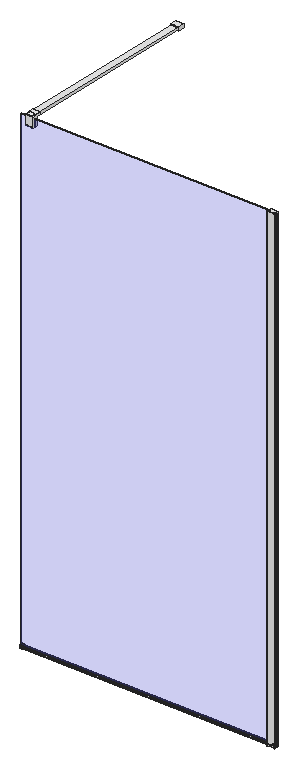
Revit family "STR4PX", category Plumbing Fixtures, Revit 2015
Parameters (values of type "1200")
  Glass = Glass
  Chrome = Chrome - Polished
  Aluminium = Aluminum - Polished
  A = 1200 mm
  URL = "http://www.sanswiss.com/"
  Type Comments = ""
  Model = "STR4PX"
  Manufacturer = "SanSwiss"
Types (5, lengths in mm): name | A
  (no name) | 1200
  800 | 800
  900 | 900
  1000 | 1000
  1200 | 1200
Reference planes
  plane 1 "Center (Front/Back)": y = 0
  plane 2: z = 0
  plane 3 "Center (Left/Right)": x = 0
  plane 4 "Back": y = 900
  plane 5 "Left": x = -1200
  plane 6: x = -1199
Forms (mm)
  Sweep 1, solid, material "Aluminum - Polished" <- "Aluminium"
    path origin (0, 0, 0) x (1, 0, 0) y (0, 0, 1)
      loop
        line (0, 2250) -> (0, 0)
    profile origin (0, 0, 1125) x (0, -1, 0) y (1, 0, 0)
      loop
        line (-27.02, -36.8) -> (-18.4, -36.8)
        arc (-18.4, -36.8) -> (-17.693, -36.507) -> (-17.4, -35.8) r 1
        line (-17.4, -35.8) -> (-17.4, -2.712)
        arc (-17.4, -2.712) -> (-17.465, -2.226) -> (-17.9, -2) r 0.532
        line (-17.9, -2) -> (-18.9, -2)
        arc (-18.9, -2) -> (-19.336, -1.773) -> (-19.4, -1.286) r 0.532
        line (-19.4, -1.286) -> (-19.4, -0.5)
        arc (-19.4, -0.5) -> (-19.589, -0.103) -> (-20.017, 0) r 0.511
        line (-20.017, 0) -> (-32.983, 0)
        arc (-32.983, 0) -> (-33.411, -0.103) -> (-33.6, -0.5) r 0.511
        line (-33.6, -0.5) -> (-33.6, -1.383)
        arc (-33.6, -1.383) -> (-33.703, -1.811) -> (-34.1, -2) r 0.511
        line (-34.1, -2) -> (-34.983, -2)
        arc (-34.983, -2) -> (-35.411, -2.103) -> (-35.6, -2.5) r 0.511
        line (-35.6, -2.5) -> (-35.6, -31.62)
        arc (-35.6, -31.62) -> (-35.175, -33.014) -> (-34.044, -33.935) r 2.5
        line (-34.044, -33.935) -> (-27.02, -36.8)
  Extrusion 2, solid, material "Glass" <- "Glass"
    sketch origin (0, 12.7, 1950) x (-1, 0, 0) y (0, -1, 0)
      loop
        line (1199, -17.3) -> (1199, -9.3) -> (28.7, -9.3) -> (28.7, -17.3) -> (1199, -17.3)
    from -1945 to 300
  Sweep 3, solid, material "Chrome - Polished" <- "Chrome"
    path origin (0, 0, 0) x (1, 0, 0) y (0, 0, 1)
      loop
        line (0, 2251.5) -> (0, 2250)
    profile origin (0, 0, 2250.75) x (0, -1, 0) y (1, 0, 0)
      loop
        line (-35.6, -2.5) -> (-35.6, -31.62)
        arc (-35.6, -31.62) -> (-35.175, -33.014) -> (-34.044, -33.935) r 2.5
        line (-34.044, -33.935) -> (-27.02, -36.8) -> (-18.4, -36.8)
        arc (-18.4, -36.8) -> (-17.693, -36.507) -> (-17.4, -35.8) r 1
        line (-17.4, -35.8) -> (-17.4, -2.712)
        arc (-17.4, -2.712) -> (-17.465, -2.226) -> (-17.9, -2) r 0.532
        line (-17.9, -2) -> (-18.9, -2)
        arc (-18.9, -2) -> (-19.336, -1.773) -> (-19.4, -1.286) r 0.532
        line (-19.4, -1.286) -> (-19.4, -0.5)
        arc (-19.4, -0.5) -> (-19.589, -0.103) -> (-20.017, 0) r 0.511
        line (-20.017, 0) -> (-32.983, 0)
        arc (-32.983, 0) -> (-33.411, -0.103) -> (-33.6, -0.5) r 0.511
        line (-33.6, -0.5) -> (-33.6, -1.383)
        arc (-33.6, -1.383) -> (-33.703, -1.811) -> (-34.1, -2) r 0.511
        line (-34.1, -2) -> (-34.983, -2)
        arc (-34.983, -2) -> (-35.411, -2.103) -> (-35.6, -2.5) r 0.511
  Extrusion 4, solid, material "Aluminum - Polished" <- "Aluminium"
    sketch origin (0, 0, 0) x (0, 1, 0) y (0, 0, 1)
      loop
        line (23.4, 2.986) -> (23.4, 0.5)
        arc (23.4, 0.5) -> (23.598, 0.094) -> (24.04, 0) r 0.515
        line (24.04, 0) -> (27.96, 0)
        arc (27.96, 0) -> (28.402, 0.094) -> (28.6, 0.5) r 0.515
        line (28.6, 0.5) -> (28.6, 2.986)
        arc (28.6, 2.986) -> (28.664, 3.473) -> (29.1, 3.7) r 0.532
        line (29.1, 3.7) -> (31.3, 3.7)
        arc (31.3, 3.7) -> (31.717, 3.809) -> (31.9, 4.2) r 0.508
        line (31.9, 4.2) -> (31.9, 14.383)
        arc (31.9, 14.383) -> (31.797, 14.811) -> (31.4, 15) r 0.511
        line (31.4, 15) -> (30.301, 15)
        arc (30.301, 15) -> (29.79, 14.35) -> (30.301, 13.7) r 0.669
        arc (30.301, 13.7) -> (30.714, 13.508) -> (30.801, 13.06) r 0.501
        line (30.801, 13.06) -> (30.801, 9.2)
        arc (30.801, 9.2) -> (30.412, 8.957) -> (30.3, 8.512) r 0.615
        line (30.3, 8.512) -> (30.3, 7.2)
        arc (30.3, 7.2) -> (30.664, 6.922) -> (30.8, 6.486) r 0.755
        line (30.8, 6.486) -> (30.8, 5.447)
        arc (30.8, 5.447) -> (30.511, 5.025) -> (30, 5) r 0.576
        line (30, 5) -> (28.257, 5) -> (27.093, 4.25) -> (24.907, 4.25) -> (23.743, 5) -> (22, 5)
        arc (22, 5) -> (21.489, 5.025) -> (21.2, 5.447) r 0.576
        line (21.2, 5.447) -> (21.2, 6.486)
        arc (21.2, 6.486) -> (21.336, 6.922) -> (21.7, 7.2) r 0.755
        line (21.7, 7.2) -> (21.7, 8.512)
        arc (21.7, 8.512) -> (21.588, 8.956) -> (21.2, 9.2) r 0.615
        line (21.2, 9.2) -> (21.2, 13.06)
        arc (21.2, 13.06) -> (21.286, 13.508) -> (21.7, 13.7) r 0.501
        arc (21.7, 13.7) -> (22.211, 14.35) -> (21.7, 15) r 0.669
        line (21.7, 15) -> (20.4, 15)
        arc (20.4, 15) -> (20.003, 14.811) -> (19.9, 14.383) r 0.511
        line (19.9, 14.383) -> (19.9, 4.2)
        arc (19.9, 4.2) -> (20.083, 3.809) -> (20.5, 3.7) r 0.508
        line (20.5, 3.7) -> (22.9, 3.7)
        arc (22.9, 3.7) -> (23.336, 3.473) -> (23.4, 2.986) r 0.532
    from -1199 to -1.3
Dimensions and locks
  locked: plane 4 "Back" to plane 1 "Center (Front/Back)" at 900
  "A": plane 5 "Left" to plane 3 "Center (Left/Right)"
  locked: plane 5 "Left" to plane 6 at 1
  locked: plane 5 "Left" to nested 1 at 31
  aligned and locked: level to plane 2
  aligned and locked: Extrusion 2 to plane 6
  aligned and locked: Extrusion 4 to plane 6
  aligned and locked: plane 6 to nested 2
Automatic sketch dimensions
  Sweep 1 sketch curve to level = 0 mm
  Sweep 1 sketch curve to plane 3 "Center (Left/Right)" = 0 mm
  level to Sweep 1 sketch curve = 2250 mm
  Extrusion 2 sketch curve to plane 1 "Center (Front/Back)" = 30 mm
  Extrusion 2 sketch curve to Extrusion 2 sketch curve = 8 mm
  plane 5 "Left" to Extrusion 2 sketch curve = 1 mm
  Extrusion 2 sketch curve to plane 3 "Center (Left/Right)" = 28.7 mm
  Sweep 1 sketch curve to profile plane = 0 mm
  Sweep 1 sketch curve to plane 1 "Center (Front/Back)" = 35.6 mm
  Sweep 1 sketch curve to Sweep 1 sketch curve = 0.511 mm  (x3)
  Sweep 1 sketch curve to Sweep 1 sketch curve = 0.106 mm  (x3)
  Sweep 1 sketch curve to Sweep 1 sketch curve = 0.883 mm  (x2)
  Sweep 1 sketch curve to Sweep 1 sketch curve = 1.556 mm
  profile plane to Sweep 1 sketch curve = 0.5 mm
  Sweep 1 sketch curve to Sweep 1 sketch curve = 0.5 mm  (x3)
  Sweep 1 sketch curve to Sweep 1 sketch curve = 0.944 mm
  Sweep 1 sketch curve to Sweep 1 sketch curve = 7.024 mm
  Sweep 1 sketch curve to Sweep 1 sketch curve = 12.965 mm
  Sweep 1 sketch curve to Sweep 1 sketch curve = 8.62 mm
  Sweep 1 sketch curve to Sweep 1 sketch curve = 1 mm
  Sweep 1 sketch curve to Sweep 1 sketch curve = 0.786 mm
  Sweep 1 sketch curve to Sweep 1 sketch curve = 0.182 mm
  Sweep 1 sketch curve to Sweep 1 sketch curve = 0.532 mm
  Sweep 1 sketch curve to Sweep 1 sketch curve = 29.12 mm
  Sweep 1 sketch curve to Sweep 1 sketch curve = 4.18 mm
  Sweep 3 sketch curve to plane 3 "Center (Left/Right)" = 0 mm
  level to Sweep 3 sketch curve = 2250 mm
  Sweep 3 sketch curve to Sweep 3 sketch curve = 1.5 mm
  Sweep 3 sketch curve to profile plane = 0 mm
  profile plane to Sweep 3 sketch curve = 2.5 mm
  Sweep 3 sketch curve to plane 1 "Center (Front/Back)" = 35.6 mm
  Sweep 3 sketch curve to Sweep 3 sketch curve = 0.511 mm  (x3)
  Sweep 3 sketch curve to Sweep 3 sketch curve = 0.106 mm  (x2)
  Sweep 3 sketch curve to Sweep 3 sketch curve = 0.883 mm
  Sweep 3 sketch curve to Sweep 3 sketch curve = 1.556 mm
  profile plane to Sweep 3 sketch curve = 0.5 mm  (x2)
  Sweep 3 sketch curve to Sweep 3 sketch curve = 0.5 mm  (x2)
  Sweep 3 sketch curve to Sweep 3 sketch curve = 2.5 mm
  Sweep 3 sketch curve to Sweep 3 sketch curve = 7.024 mm
  Sweep 3 sketch curve to Sweep 3 sketch curve = 12.965 mm
  Sweep 3 sketch curve to Sweep 3 sketch curve = 8.62 mm
  Sweep 3 sketch curve to Sweep 3 sketch curve = 1 mm  (x2)
  Sweep 3 sketch curve to Sweep 3 sketch curve = 2.032 mm
  Sweep 3 sketch curve to Sweep 3 sketch curve = 0.181 mm
  Sweep 3 sketch curve to Sweep 3 sketch curve = 29.12 mm
  Sweep 3 sketch curve to Sweep 3 sketch curve = 4.18 mm
  Sweep 3 sketch curve to Sweep 3 sketch curve = 0.532 mm
  Extrusion 4 sketch curve to level = 0 mm
  level to Extrusion 4 sketch curve = 4.2 mm
  Extrusion 4 sketch curve to plane 1 "Center (Front/Back)" = 19.9 mm
  Extrusion 4 sketch curve to Extrusion 4 sketch curve = 0.5 mm  (x4)
  Extrusion 4 sketch curve to Extrusion 4 sketch curve = 0.508 mm  (x2)
  Extrusion 4 sketch curve to Extrusion 4 sketch curve = 0.092 mm  (x2)
  Extrusion 4 sketch curve to Extrusion 4 sketch curve = 0.683 mm
  Extrusion 4 sketch curve to Extrusion 4 sketch curve = 0.109 mm  (x2)
  Extrusion 4 sketch curve to Extrusion 4 sketch curve = 1.142 mm
  Extrusion 4 sketch curve to Extrusion 4 sketch curve = 0.481 mm  (x2)
  Extrusion 4 sketch curve to Extrusion 4 sketch curve = 0.158 mm  (x2)
  Extrusion 4 sketch curve to Extrusion 4 sketch curve = 0.609 mm  (x2)
  Extrusion 4 sketch curve to Extrusion 4 sketch curve = 0.57 mm  (x2)
  Extrusion 4 sketch curve to Extrusion 4 sketch curve = 0.255 mm  (x2)
  Extrusion 4 sketch curve to Extrusion 4 sketch curve = 0.23 mm  (x2)
  Extrusion 4 sketch curve to Extrusion 4 sketch curve = 0.9 mm  (x2)
  Extrusion 4 sketch curve to Extrusion 4 sketch curve = 0.843 mm
  level to Extrusion 4 sketch curve = 0.5 mm
  Extrusion 4 sketch curve to Extrusion 4 sketch curve = 0.515 mm
  level to Extrusion 4 sketch curve = 4.25 mm
  Extrusion 4 sketch curve to Extrusion 4 sketch curve = 1.164 mm  (x2)
  Extrusion 4 sketch curve to Extrusion 4 sketch curve = 2.186 mm
  Extrusion 4 sketch curve to Extrusion 4 sketch curve = 3.92 mm
  Extrusion 4 sketch curve to Extrusion 4 sketch curve = 0.125 mm
  Extrusion 4 sketch curve to Extrusion 4 sketch curve = 1.507 mm
  Extrusion 4 sketch curve to Extrusion 4 sketch curve = 0.045 mm
  Extrusion 4 sketch curve to Extrusion 4 sketch curve = 0.02 mm
  Extrusion 4 sketch curve to Extrusion 4 sketch curve = 0.139 mm  (x2)
  Extrusion 4 sketch curve to Extrusion 4 sketch curve = 0.941 mm
  Extrusion 4 sketch curve to Extrusion 4 sketch curve = 0.714 mm
  Extrusion 4 sketch curve to Extrusion 4 sketch curve = 1.264 mm
  Extrusion 4 sketch curve to Extrusion 4 sketch curve = 0.182 mm
  Extrusion 4 sketch curve to Extrusion 4 sketch curve = 0.75 mm  (x2)
  Extrusion 4 sketch curve to Extrusion 4 sketch curve = 0.447 mm  (x2)
  Extrusion 4 sketch curve to Extrusion 4 sketch curve = 1.039 mm  (x2)
  Extrusion 4 sketch curve to Extrusion 4 sketch curve = 0.004 mm  (x2)
  Extrusion 4 sketch curve to Extrusion 4 sketch curve = 1.312 mm  (x2)
  Extrusion 4 sketch curve to Extrusion 4 sketch curve = 0.083 mm  (x2)
  Extrusion 4 sketch curve to Extrusion 4 sketch curve = 3.86 mm
  Extrusion 4 sketch curve to Extrusion 4 sketch curve = 0.14 mm
  Extrusion 4 sketch curve to Extrusion 4 sketch curve = 4 mm
  Extrusion 4 sketch curve to Extrusion 4 sketch curve = 1.15 mm
  Extrusion 4 sketch curve to Extrusion 4 sketch curve = 0.032 mm
  Extrusion 4 sketch curve to Extrusion 4 sketch curve = 0.106 mm  (x2)
  Extrusion 4 sketch curve to Extrusion 4 sketch curve = 0.019 mm  (x2)
  Extrusion 4 sketch curve to Extrusion 4 sketch curve = 0 mm
Nested families
  nested 1: "stabiliser" at (-1132.65, 0, 250), type "stabiliser"
    with length 900 mm
  nested 2: "dolna nakładka" at (-1200.5, 19.9, 0), type "dolna nakładka"
Definition of nested family "stabiliser"
  Parameters (values of type "stabiliser")
    Chrome = none
    Aluminium = none
    length [instance] = 900 mm
    URL = "http://www.sanswiss.com/"
    Type Comments = ""
    Model = ""
    Manufacturer = "SanSwiss"
  Reference planes
    plane 1 "Center (Front/Back)": y = 0
    plane 2: z = 0
    plane 3 "Center (Left/Right)": x = 0
    plane 4 "Back": y = 900
    plane 5 "Left": x = -1200
    plane 6 "glass left": x = -1140.7
    plane 7 "glass right": x = -28.7
    plane 8 "bar front": y = 56.3
    plane 9 "bar back": y = 869
  Forms (mm)
    Sweep 1, solid, material <- "Chrome"
      path origin (900, 0, 0) x (0, 1, 0) y (0, 0, 1)
        loop
          line (900, 2016.65) -> (900, 1999.15)
      profile origin (900, 900, 2007.9) x (1, 0, 0) y (0, 1, 0)
        loop
          line (-937.75, 0) -> (-937.75, -31) -> (-901.75, -31) -> (-901.75, 0) -> (-937.75, 0)
    Sweep 2, solid, material <- "Aluminium"
      path origin (900, 0, 0) x (0, 1, 0) y (0, 0, 1)
        loop
          line (56.3, 2017) -> (869, 2017)
      profile origin (900, 462.65, 2017) x (0, 0, 1) y (1, 0, 0)
        loop
          line (-5.35, -904.35) -> (-15.35, -904.35) -> (-15.35, -934.35) -> (-5.35, -934.35) -> (-5.35, -904.35)
    Sweep 3, solid, material <- "Chrome"
      path origin (0, 0, 1950) x (-1, 0, 0) y (0, -1, 0)
        loop
          line (36.35, -34.3) -> (2.35, -34.3)
      profile origin (-19.35, 34.3, 1950) x (0, 1, 0) y (0, 0, 1)
        loop
          line (4, 49.65) -> (22, 49.65) -> (22, 62.177) -> (-20.3, 62.177) -> (-20.3, 14.709)
          arc (-20.3, 14.709) -> (-20.136, 14.314) -> (-19.741, 14.15) r 0.559
          line (-19.741, 14.15) -> (-12.5, 14.15) -> (-12.5, 50.65) -> (-4, 50.65) -> (-4, 15.15) -> (-3, 15.15) -> (-3, 14.15) -> (0, 14.15)
          arc (0, 14.15) -> (1.414, 14.736) -> (2, 16.15) r 2
          line (2, 16.15) -> (2, 47.65)
          arc (2, 47.65) -> (2.586, 49.064) -> (4, 49.65) r 2
    Sweep 4, solid, material <- "Chrome"
      path origin (0, 0, 1950) x (-1, 0, 0) y (0, -1, 0)
        loop
          line (0, -31.3) -> (0, -56.3)
      profile origin (0, 43.8, 1950) x (-1, 0, 0) y (0, 0, 1)
        loop
          line (2.35, 62.177) -> (36.35, 62.177)
          arc (36.35, 62.177) -> (35.943, 63.378) -> (34.89, 64.086) r 1.979
          arc (34.89, 64.086) -> (19.366, 66.159) -> (3.841, 64.086) r 59.17
          arc (3.841, 64.086) -> (2.756, 63.397) -> (2.35, 62.177) r 1.918
    SweptBlend 5, solid, material <- "Chrome"
      path origin (0, 0, 1950) x (-1, 0, 0) y (0, -1, 0)
        loop
          line (0, -14) -> (0, -31.3)
      profile origin (0, 14, 1950) x (-1, 0, 0) y (0, 0, 1)
        loop
          arc (36.35, 62.177) -> (35.594, 63.222) -> (34.381, 63.66) r 2.19
          line (34.381, 63.66) -> (4.329, 63.66)
          arc (4.329, 63.66) -> (3.092, 63.248) -> (2.35, 62.177) r 2.062
          line (2.35, 62.177) -> (36.35, 62.177)
      end profile origin (0, 31.3, 1950) x (-1, 0, 0) y (0, 0, 1)
        loop
          arc (3.841, 64.086) -> (2.756, 63.397) -> (2.35, 62.177) r 1.918
          line (2.35, 62.177) -> (36.35, 62.177)
          arc (36.35, 62.177) -> (35.943, 63.378) -> (34.89, 64.086) r 1.979
          arc (34.89, 64.086) -> (19.366, 66.159) -> (3.841, 64.086) r 59.17
  Dimensions and locks
    "length": plane 4 "Back" to plane 1 "Center (Front/Back)"
    locked: plane 5 "Left" to plane 6 "glass left" at 59.3
    locked: plane 4 "Back" to plane 9 "bar back" at 31
    locked: plane 1 "Center (Front/Back)" to plane 8 "bar front" at 56.3
    aligned and locked: level to plane 2
  Automatic sketch dimensions
    Sweep 1 sketch curve to plane 4 "Back" = 0 mm
    level to Sweep 1 sketch curve = 1999.15 mm
    Sweep 1 sketch curve to Sweep 1 sketch curve = 17.5 mm
    profile plane to Sweep 1 sketch curve = 0 mm
    profile plane to Sweep 1 sketch curve = 31 mm
    Sweep 1 sketch curve to profile plane = 937.75 mm
    Sweep 1 sketch curve to Sweep 1 sketch curve = 36 mm
    Sweep 2 sketch curve to plane 9 "bar back" = 0 mm
    level to Sweep 2 sketch curve = 2017 mm
    Sweep 2 sketch curve to plane 8 "bar front" = 0 mm
    profile plane to Sweep 2 sketch curve = 15.35 mm
    profile plane to Sweep 2 sketch curve = 5.35 mm
    Sweep 2 sketch curve to profile plane = 934.35 mm
    Sweep 2 sketch curve to Sweep 2 sketch curve = 30 mm
    Sweep 3 sketch curve to plane 3 "Center (Left/Right)" = 2.35 mm
    Sweep 3 sketch curve to plane 8 "bar front" = 22 mm
    Sweep 3 sketch curve to plane 7 "glass right" = 7.65 mm
    Sweep 3 sketch curve to profile plane = 0 mm
    profile plane to Sweep 3 sketch curve = 3 mm
    Sweep 3 sketch curve to Sweep 3 sketch curve = 1 mm  (x2)
    Sweep 3 sketch curve to Sweep 3 sketch curve = 8.5 mm
    Sweep 3 sketch curve to Sweep 3 sketch curve = 7.241 mm
    Sweep 3 sketch curve to Sweep 3 sketch curve = 7.8 mm
    Sweep 3 sketch curve to profile plane = 2 mm
    Sweep 3 sketch curve to Sweep 3 sketch curve = 2 mm
    Sweep 3 sketch curve to Sweep 3 sketch curve = 18 mm
    profile plane to Sweep 3 sketch curve = 14.15 mm  (x2)
    Sweep 3 sketch curve to Sweep 3 sketch curve = 31.5 mm
    Sweep 3 sketch curve to Sweep 3 sketch curve = 3 mm
    Sweep 3 sketch curve to Sweep 3 sketch curve = 12.527 mm
    Sweep 4 sketch curve to plane 3 "Center (Left/Right)" = 0 mm
    Sweep 4 sketch curve to plane 8 "bar front" = 0 mm
    Sweep 4 sketch curve to plane 8 "bar front" = 25 mm
    SweptBlend 5 sketch curve to plane 3 "Center (Left/Right)" = 0 mm
    SweptBlend 5 sketch curve to plane 8 "bar front" = 25 mm
    SweptBlend 5 sketch curve to plane 1 "Center (Front/Back)" = 14 mm
    SweptBlend 5 sketch curve to profile plane = 2.35 mm  (x2)
    SweptBlend 5 sketch curve to SweptBlend 5 sketch curve = 1.918 mm
    profile plane to SweptBlend 5 sketch curve = 6.989 mm
    SweptBlend 5 sketch curve to profile plane = 19.366 mm
    SweptBlend 5 sketch curve to SweptBlend 5 sketch curve = 30.103 mm
    SweptBlend 5 sketch curve to SweptBlend 5 sketch curve = 1.979 mm  (x2)
    SweptBlend 5 sketch curve to SweptBlend 5 sketch curve = 55.187 mm
    SweptBlend 5 sketch curve to SweptBlend 5 sketch curve = 0.001 mm
    SweptBlend 5 sketch curve to SweptBlend 5 sketch curve = 0.039 mm
    SweptBlend 5 sketch curve to SweptBlend 5 sketch curve = 0.426 mm
    SweptBlend 5 sketch curve to SweptBlend 5 sketch curve = 29.947 mm
    SweptBlend 5 sketch curve to SweptBlend 5 sketch curve = 0.105 mm
    SweptBlend 5 sketch curve to SweptBlend 5 sketch curve = 2.074 mm
    profile plane to SweptBlend 5 sketch curve = 61.473 mm
    SweptBlend 5 sketch curve to SweptBlend 5 sketch curve = 0.125 mm
    Sweep 4 sketch curve to profile plane = 2.35 mm
    Sweep 4 sketch curve to Sweep 4 sketch curve = 1.918 mm
    profile plane to Sweep 4 sketch curve = 6.989 mm
    Sweep 4 sketch curve to profile plane = 19.366 mm
    Sweep 4 sketch curve to Sweep 4 sketch curve = 1.979 mm
    Sweep 4 sketch curve to Sweep 4 sketch curve = 0.001 mm
    Sweep 4 sketch curve to Sweep 4 sketch curve = 0.039 mm
    Sweep 4 sketch curve to Sweep 4 sketch curve = 0.426 mm
    Sweep 4 sketch curve to Sweep 4 sketch curve = 0.519 mm
    Sweep 4 sketch curve to Sweep 4 sketch curve = 0 mm
Definition of nested family "dolna nakładka"
  Parameters (values of type "dolna nakładka")
    Chrome = none
    URL = "http://www.sanswiss.com/"
    Type Comments = ""
    Model = ""
    Manufacturer = "SanSwiss"
  Reference planes
    plane 1 "Center (Front/Back)": y = 0
    plane 2: z = 0
    plane 3 "Center (Left/Right)": x = 0
  Forms (mm)
    Extrusion 1, solid, material <- "Chrome"
      sketch origin (0, 0, 1950) x (-1, 0, 0) y (0, -1, 0)
        loop
          line (0, -11.383) -> (0, -0.617)
          arc (0, -0.617) -> (-0.103, -0.189) -> (-0.5, 0) r 0.511
          line (-0.5, 0) -> (-1.5, 0) -> (-1.5, -12) -> (-0.5, -12)
          arc (-0.5, -12) -> (-0.103, -11.811) -> (0, -11.383) r 0.511
      from -1950 to -1935
    Extrusion 2, solid, material <- "Chrome"
      sketch origin (0, 0, 0) x (1, 0, 0) y (0, 1, 0)
        loop
          line (1.5, 3.4) -> (1.5, 0) -> (8.5, 0) -> (11.5, 0.262) -> (11.5, 3.138) -> (8.5, 3.4) -> (1.5, 3.4)
      from 0 to 3.5
    Extrusion 3, void
      sketch origin (0, 0, 0) x (1, 0, 0) y (0, 0, 1)
        loop
          line (8.5, 3.5) -> (11.5, 3.238) -> (11.5, 4.337) -> (8.5, 3.5)
      from -1950 to 10
    Extrusion 4, void
      sketch origin (0, 0, 0) x (1, 0, 0) y (0, 0, 1)
        loop
          line (8.5, 0) -> (11.5, -0.909) -> (11.5, 0.262) -> (8.5, 0)
      from -1950 to 10
    Extrusion 5, solid, material <- "Chrome"
      sketch origin (0, 8.6, 0) x (1, 0, 0) y (0, 1, 0)
        loop
          line (1.5, 3.4) -> (1.5, 0) -> (8.5, 0) -> (11.5, 0.262) -> (11.5, 3.138) -> (8.5, 3.4) -> (1.5, 3.4)
      from 0 to 3.5
  Cuts and joins
    Extrusion 3, Extrusion 4 cuts Extrusion 2
  Dimensions and locks
    aligned and locked: level to plane 2
